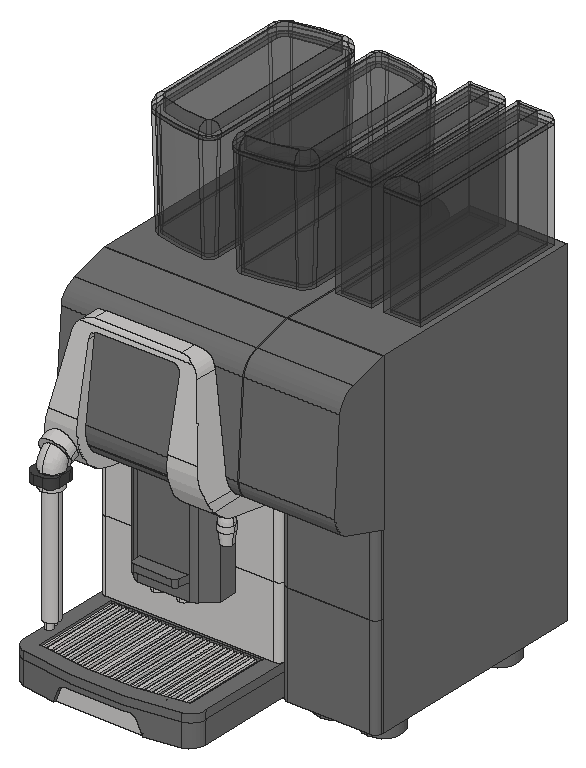
Revit family "QF_RANCILIO_EGRO ONE TOUCH PURE COFFEE WITH POWDER", category Specialty Equipment, Revit 2014
Parameters (values of type "ONE TOUCH PURE COFFEE WITH POWDER")
  Weight in Kilograms = 70
  Watts = 6000 W
  Volts = 400 V
  URL Cutsheet = ""
  Touch Top Milk  XP NMS = or(Model Visibility = 3, Model Visibility = 1)  # no
  Specification by User = ""
  Specification by Manufacturer = ""
  Show Steam Wand [instance] = yes
  Show Hot Water Outlet [instance] = yes
  Show Clearance [instance] = yes
  Serial Number = ""
  Seismic Rating = ""
  SMACNA No = ""
  Revision Code = ""
  Plumbing Remarks = ""
  Plumbing Connection Type = ""
  Phase = 2
  Touch Quick Milk NMS = or(Model Visibility = 2, Model Visibility = 5)  # no
  Number of Poles = 1
  NAFEM Spec ID Number = ""
  Model Visibility = 4
  Model = "ONE TOUCH PURE COFFEE WITH POWDER"
  Min Ckt Ampacity = 0 A
  Max Overcurrent Protection = 0 A
  Masterspec = ""
  Manufacturer = "RANCILIO"  # constant formula
  Length = 300.99 mm
  Top Milk XP NMS Powder = or(Model Visibility = 4, Model Visibility = 1, Model Visibility = 5)  # yes
  Item Number = ""
  Installed By = ""
  Indirect Waste Size = 2"
  Indirect Waste Flow = 0 GPM
  Indirect Waste Connection Type = ""
  Indirect Waste Connection Height = 0.00 mm
  Identify Quantity as Lot = yes
  Height = 787.40 mm
  HP = ""
  Furnished By = ""
  Foodservice Equipment Identifier = yes
  FL Amps = 16 A
  Electrical Remarks = ""
  Electric Connection Type = ""
  Elec Conn RI Height = 0.00 mm
  Elec Conn Connection Height = 0.00 mm
  Description = "ESPRESSO MACHINE"  # constant formula
  Depth = 584.20 mm
  Cycle = 50 Hz
  Conn Plug = "Typ 25 / CEE"
  Conn Conduit = yes
  Cold Water Temperature Recommended = -459.67 °F
  Cold Water Size = 3/8"
  Cold Water RI Height = 0.00 mm
  Cold Water Minimum Pressure = 0.00 psi
  Cold Water Maximum Pressure = 0.00 psi
  Cold Water Flow = 0 GPM
  Cold Water Consumption = ""
  Cold Water Connection Height = 0.00 mm
  CSI MasterFormat = ""
  Apparent Power = 0 VA
Reference planes
  plane 1 "BACK": y = 0
  plane 2: z = 0
  plane 3 "LEFT": x = 0
  plane 4 "RIGHT": x = 300.99
  plane 5 "FRONT": y = -584.2
  plane 6 "TOP": z = 787.4
  plane 7 "Center Y": x = 150.495
  plane 8 "Center X": y = -292.1
  plane 9: z = 26.88
  plane 10: z = 77.978
Forms (mm)
  Revolve 1, solid, material "QF_Rubber-Black-Smooth"
    sketch origin (50.495, 0, 0) x (0, 1, 0) y (0, 0, 1)
      loop
        line (-88.9, 0) -> (-58.322, 0) -> (-58.322, 26.88) -> (-88.9, 26.88) -> (-88.9, 0)
      axis (-88.9, 26.88) -> (-88.9, 0)
    angle from 0 to 360
  Revolve 2, solid, material "QF_Rubber-Black-Smooth"
    sketch origin (50.495, -239.776, 0) x (0, 1, 0) y (0, 0, 1)
      loop
        line (-88.9, 0) -> (-58.322, 0) -> (-58.322, 26.88) -> (-88.9, 26.88) -> (-88.9, 0)
      axis (-88.9, 26.88) -> (-88.9, 0)
    angle from 0 to 360
  Revolve 3, solid, material "QF_Rubber-Black-Smooth"
    sketch origin (250.495, 0, 0) x (0, 1, 0) y (0, 0, 1)
      loop
        line (-88.9, 0) -> (-58.322, 0) -> (-58.322, 26.88) -> (-88.9, 26.88) -> (-88.9, 0)
      axis (-88.9, 26.88) -> (-88.9, 0)
    angle from 0 to 360
  Revolve 4, solid, material "QF_Rubber-Black-Smooth"
    sketch origin (250.495, -239.776, 0) x (0, 1, 0) y (0, 0, 1)
      loop
        line (-88.9, 0) -> (-58.322, 0) -> (-58.322, 26.88) -> (-88.9, 26.88) -> (-88.9, 0)
      axis (-88.9, 26.88) -> (-88.9, 0)
    angle from 0 to 360
  Extrusion 5, solid, material "QF_Rubber-Black-Smooth"
    sketch origin (-308.61, 0, 0) x (1, 0, 0) y (0, 1, 0)
      loop
        line (308.61, -378.239) -> (308.61, -545.544)
        arc (308.61, -545.544) -> (314.252, -561.506) -> (328.671, -570.377) r 25.4
        arc (328.671, -570.377) -> (459.105, -584.24) -> (589.539, -570.377) r 620.525
        arc (589.539, -570.377) -> (603.958, -561.506) -> (609.6, -545.544) r 25.4
        line (609.6, -545.544) -> (609.6, -378.239) -> (308.61, -378.239)
    from 26.88 to 65.023
  Extrusion 6, solid, material "QF_Rubber-Black-Smooth"
    sketch origin (-308.61, 0, 65.023) x (1, 0, 0) y (0, 1, 0)
      loop
        arc (328.671, -570.377) -> (459.105, -584.24) -> (589.539, -570.377) r 620.525
        arc (589.539, -570.377) -> (603.958, -561.506) -> (609.6, -545.544) r 25.4
        line (609.6, -545.544) -> (609.6, -378.239) -> (308.61, -378.239) -> (308.61, -545.544)
        arc (308.61, -545.544) -> (314.252, -561.506) -> (328.671, -570.377) r 25.4
      loop
        line (584.2, -545.544) -> (584.2, -397.289) -> (334.01, -397.289) -> (334.01, -545.544)
        arc (334.01, -545.544) -> (459.105, -558.84) -> (584.2, -545.544) r 595.125
    from 0 to 12.955
  Extrusion 7, void
    sketch origin (-308.61, -584.2, 0) x (1, 0, 0) y (0, 0, 1)
      loop
        line (385.966, 26.88) -> (532.244, 26.88) -> (525.504, 45.4)
        arc (525.504, 45.4) -> (519.332, 53.443) -> (509.664, 56.491) r 16.857
        line (509.664, 56.491) -> (408.546, 56.491)
        arc (408.546, 56.491) -> (398.878, 53.443) -> (392.706, 45.4) r 16.857
        line (392.706, 45.4) -> (385.966, 26.88)
    from 5.717 to -139.232
  Extrusion 8, solid, material "QF_Metal-Stainless-Polished"
    sketch origin (300.99, 0, 0) x (0, -1, 0) y (0, 0, 1)
      loop
        arc (502.012, 551.039) -> (481.536, 564.569) -> (467.682, 544.31) r 17.494
        arc (467.682, 544.31) -> (477.557, 466.209) -> (479.282, 387.505) r 758.464
        arc (479.282, 387.505) -> (471.683, 365.793) -> (452.973, 352.412) r 38.1
        line (452.973, 352.412) -> (391.131, 332.319) -> (391.131, 312.441) -> (461.546, 323.594)
        arc (461.546, 323.594) -> (516.664, 358.371) -> (529.378, 422.291) r 82.55
        line (529.378, 422.291) -> (502.012, 551.039)
    from 0 to 300.99
  Extrusion 9, void
    sketch origin (-308.61, -584.2, 0) x (1, 0, 0) y (0, 0, 1)
      loop
        line (355.344, 533.2) -> (325.68, 364.97)
        arc (325.68, 364.97) -> (324.684, 357.402) -> (324.351, 349.777) r 87.491
        line (324.351, 349.777) -> (324.351, 296.38) -> (384.361, 296.38) -> (384.361, 531.847)
        arc (384.361, 531.847) -> (388.081, 540.827) -> (397.061, 544.547) r 12.7
        line (397.061, 544.547) -> (521.149, 544.547)
        arc (521.149, 544.547) -> (530.129, 540.827) -> (533.849, 531.847) r 12.7
        line (533.849, 531.847) -> (533.849, 296.38) -> (593.859, 296.38) -> (593.859, 349.787)
        arc (593.859, 349.787) -> (593.526, 357.403) -> (592.532, 364.96) r 87.376
        line (592.532, 364.96) -> (562.866, 533.2)
        arc (562.866, 533.2) -> (552.007, 552.009) -> (531.599, 559.437) r 31.75
        line (531.599, 559.437) -> (386.611, 559.437)
        arc (386.611, 559.437) -> (366.203, 552.009) -> (355.344, 533.2) r 31.75
      loop
        line (292.601, 275.08) -> (625.609, 275.08) -> (625.609, 598.93) -> (292.601, 598.93) -> (292.601, 275.08)
    from 0 to -205.961
  Extrusion 10, solid, material "QF_Metal-Stainless-Polished"
    sketch origin (-286.117, 2.381, 156.866) x (0, 1, 0) y (1, 0, 0)
      loop
        circle (-432.003, 415.108) r 9.216
      loop
        circle (-432.003, 458.116) r 9.216
    from 0 to 10.065
  Sweep 11, solid, material "QF_Metal-Stainless-Polished", visible <- "Show Steam Wand"
    path origin (45.402, 0, 0) x (0, -1, 0) y (0, 0, 1)
      loop
        line (545.855, 320.677) -> (545.855, 347.466)
        arc (545.855, 347.466) -> (541.877, 361.114) -> (531.189, 370.486) r 25.4
        line (531.189, 370.486) -> (514.283, 378.37)
    profile origin (45.402, -545.855, 334.072) x (0, 1, 0) y (-1, 0, 0)
      loop
        circle (0.311, 0) r 19.05
  Extrusion 12, solid, material "QF_Metal-Stainless-Polished", visible <- "Show Steam Wand"
    sketch origin (45.402, -545.855, 124.495) x (0, -1, 0) y (-1, 0, 0)
      loop
        circle (4.276, 0) r 6.35
      loop
        circle (-7.986, 0) r 2.54
    from 0 to 11.258
  Extrusion 13, solid, material "QF_Metal-Stainless-Polished", visible <- "Show Steam Wand"
    sketch origin (45.402, -514.283, 378.37) x (-1, 0, 0) y (0, -0.422618, 0.906308)
      loop
        circle (0, -0.311) r 25.4
    from 0 to -26.164
  Extrusion 14, solid, material "QF_Metal-Stainless-Polished"
    sketch origin (-308.61, 0, 77.978) x (1, 0, 0) y (0, 1, 0)
      loop
        line (310.198, -378.239) -> (310.198, -380.664)
        arc (310.198, -380.664) -> (313.263, -388.066) -> (320.665, -391.131) r 10.467
        line (320.665, -391.131) -> (597.545, -391.131)
        arc (597.545, -391.131) -> (604.947, -388.066) -> (608.012, -380.664) r 10.467
        line (608.012, -380.664) -> (608.012, -378.239) -> (310.198, -378.239)
    from 0 to 118.421
  Sweep 15, solid, material "QF_Plastic-Black-Transparent"
    path origin (0, -48.039, 765.051) x (0, -1, 0) y (1, 0, 0)
      loop
        arc (12.154, 270.516) -> (4.532, 267.975) -> (-0.04, 261.368) r 12.7
        arc (-0.04, 261.368) -> (-8.605, 222.842) -> (-12.129, 183.533) r 305.298
        arc (-12.129, 183.533) -> (-10.662, 179.799) -> (-6.965, 178.24) r 5.165
        line (-6.965, 178.24) -> (261.921, 178.24)
        arc (261.921, 178.24) -> (265.619, 179.799) -> (267.085, 183.533) r 5.165
        arc (267.085, 183.533) -> (263.561, 222.842) -> (254.996, 261.368) r 305.298
        arc (254.996, 261.368) -> (250.425, 267.975) -> (242.803, 270.516) r 12.7
        line (242.803, 270.516) -> (12.154, 270.516)
    profile origin (270.516, -175.517, 765.051) x (1, 0, 0) y (0, 0, 1)
      loop
        line (15.494, 0.03) -> (15.494, 6.855)
        arc (15.494, 6.855) -> (10.956, 17.811) -> (0, 22.349) r 15.494
        line (0, 22.349) -> (0, 0.03) -> (15.494, 0.03)
  Extrusion 16, solid, material "QF_Plastic-Black-Transparent"
    sketch origin (0, -48.039, 765.051) x (0, -1, 0) y (1, 0, 0)
      loop
        line (-6.965, 178.24) -> (261.921, 178.24)
        arc (261.921, 178.24) -> (265.619, 179.799) -> (267.085, 183.533) r 5.165
        arc (267.085, 183.533) -> (263.561, 222.842) -> (254.996, 261.368) r 305.298
        arc (254.996, 261.368) -> (250.425, 267.975) -> (242.803, 270.516) r 12.7
        line (242.803, 270.516) -> (12.154, 270.516)
        arc (12.154, 270.516) -> (4.532, 267.975) -> (-0.04, 261.368) r 12.7
        arc (-0.04, 261.368) -> (-8.605, 222.842) -> (-12.129, 183.533) r 305.298
        arc (-12.129, 183.533) -> (-10.662, 179.799) -> (-6.965, 178.24) r 5.165
    from 0 to 22.349
  Sweep 17, solid, material "QF_Plastic-Black-Transparent"
    path origin (178.24, -298.45, 765.25) x (1, 0, 0) y (0, 1, 0)
      loop
        arc (107.769, 238.258) -> (102.128, 255.178) -> (87.461, 265.326) r 28.194
        arc (87.461, 265.326) -> (46.98, 274.326) -> (5.676, 278.029) r 320.791
        arc (5.676, 278.029) -> (-9.261, 272.164) -> (-15.494, 257.376) r 20.659
        line (-15.494, 257.376) -> (-15.494, -11.51)
        arc (-15.494, -11.51) -> (-9.261, -26.298) -> (5.676, -32.163) r 20.659
        arc (5.676, -32.163) -> (46.98, -28.46) -> (87.461, -19.46) r 320.791
        arc (87.461, -19.46) -> (102.128, -9.312) -> (107.769, 7.608) r 28.194
        line (107.769, 7.608) -> (107.769, 238.258)
    profile origin (286.009, -175.517, 765.25) x (1, 0, 0) y (0, 0, 1)
      loop
        line (-0.789, -0.169) -> (-7.142, -0.169)
        arc (-7.142, -0.169) -> (-7.143, -89.932) -> (-11.916, -179.569) r 1688.357
        line (-11.916, -179.569) -> (-5.545, -179.569)
        arc (-5.545, -179.569) -> (-0.791, -89.932) -> (-0.789, -0.169) r 1694.707
  Extrusion 18, solid, material "QF_Plastic-Black-Transparent"
    sketch origin (300.99, -48.039, 585.68) x (0, -1, 0) y (1, 0, 0)
      loop
        line (242.803, -26.896) -> (12.154, -26.896)
        arc (12.154, -26.896) -> (2.385, -30.153) -> (-3.475, -38.622) r 16.278
        arc (-3.475, -38.622) -> (-12.14, -77.599) -> (-15.705, -117.368) r 308.875
        arc (-15.705, -117.368) -> (-13.223, -123.69) -> (-6.965, -126.328) r 8.743
        line (-6.965, -126.328) -> (261.921, -126.328)
        arc (261.921, -126.328) -> (268.18, -123.69) -> (270.662, -117.368) r 8.743
        arc (270.662, -117.368) -> (267.097, -77.599) -> (258.431, -38.622) r 308.875
        arc (258.431, -38.622) -> (252.572, -30.153) -> (242.803, -26.896) r 16.278
    from 0 to 5.08
  Extrusion 19, solid, material "QF_Plastic-Black-Smooth", visible <- "Show Steam Wand"
    sketch origin (-285.537, -4572, 26.88) x (-1, 0, 0) y (0, -1, 0)
      loop
        arc (-317.118, -4045.374) -> (-310.652, -4042.696) -> (-307.974, -4036.23) r 9.144
        line (-307.974, -4036.23) -> (-307.974, -4014.648)
        arc (-307.974, -4014.648) -> (-312.512, -4003.692) -> (-323.468, -3999.154) r 15.494
        line (-323.468, -3999.154) -> (-338.277, -3999.154)
        arc (-338.277, -3999.154) -> (-349.279, -4003.711) -> (-353.836, -4014.713) r 15.559
        line (-353.836, -4014.713) -> (-353.836, -4036.335)
        arc (-353.836, -4036.335) -> (-351.188, -4042.726) -> (-344.796, -4045.374) r 9.04
        line (-344.796, -4045.374) -> (-317.118, -4045.374)
    from 320.021 to 304.8
  Extrusion 20, solid, material "QF_Metal-Stainless-Polished"
    sketch origin (300.99, -390.939, 59.231) x (-1, 0, 0) y (0, 0, -1)
      loop
        line (275.59, -16.51) -> (275.59, -12.702) -> (270.827, -12.702) -> (270.827, -16.51) -> (275.59, -16.51)
      loop
        line (264.479, -16.51) -> (264.479, -12.702) -> (259.716, -12.702) -> (259.716, -16.51) -> (264.479, -16.51)
      loop
        line (253.368, -16.51) -> (253.368, -12.702) -> (248.605, -12.702) -> (248.605, -16.51) -> (253.368, -16.51)
      loop
        line (242.256, -16.51) -> (242.256, -12.702) -> (237.494, -12.702) -> (237.494, -16.51) -> (242.256, -16.51)
      loop
        line (231.145, -16.51) -> (231.145, -12.702) -> (226.383, -12.702) -> (226.383, -16.51) -> (231.145, -16.51)
      loop
        line (220.034, -16.51) -> (220.034, -12.702) -> (215.272, -12.702) -> (215.272, -16.51) -> (220.034, -16.51)
      loop
        line (208.923, -16.51) -> (208.923, -12.702) -> (204.16, -12.702) -> (204.16, -16.51) -> (208.923, -16.51)
      loop
        line (197.812, -16.51) -> (197.812, -12.702) -> (193.049, -12.702) -> (193.049, -16.51) -> (197.812, -16.51)
      loop
        line (186.701, -16.51) -> (186.701, -12.702) -> (181.938, -12.702) -> (181.938, -16.51) -> (186.701, -16.51)
      loop
        line (175.589, -16.51) -> (175.589, -12.702) -> (170.827, -12.702) -> (170.827, -16.51) -> (175.589, -16.51)
      loop
        line (164.478, -16.51) -> (164.478, -12.702) -> (159.716, -12.702) -> (159.716, -16.51) -> (164.478, -16.51)
      loop
        line (153.367, -16.51) -> (153.367, -12.702) -> (148.605, -12.702) -> (148.605, -16.51) -> (153.367, -16.51)
      loop
        line (142.256, -16.51) -> (142.256, -12.702) -> (137.493, -12.702) -> (137.493, -16.51) -> (142.256, -16.51)
      loop
        line (131.145, -16.51) -> (131.145, -12.702) -> (126.382, -12.702) -> (126.382, -16.51) -> (131.145, -16.51)
      loop
        line (119.24, -16.51) -> (119.24, -12.702) -> (114.477, -12.702) -> (114.477, -16.51) -> (119.24, -16.51)
      loop
        line (108.129, -16.51) -> (108.129, -12.702) -> (103.366, -12.702) -> (103.366, -16.51) -> (108.129, -16.51)
      loop
        line (97.017, -16.51) -> (97.017, -12.702) -> (92.255, -12.702) -> (92.255, -16.51) -> (97.017, -16.51)
      loop
        line (85.906, -16.51) -> (85.906, -12.702) -> (81.144, -12.702) -> (81.144, -16.51) -> (85.906, -16.51)
      loop
        line (74.001, -16.51) -> (74.001, -12.702) -> (69.239, -12.702) -> (69.239, -16.51) -> (74.001, -16.51)
      loop
        line (62.89, -16.51) -> (62.89, -12.702) -> (58.128, -12.702) -> (58.128, -16.51) -> (62.89, -16.51)
      loop
        line (51.779, -16.51) -> (51.779, -12.702) -> (47.017, -12.702) -> (47.017, -16.51) -> (51.779, -16.51)
      loop
        line (40.668, -16.51) -> (40.668, -12.702) -> (35.905, -12.702) -> (35.905, -16.51) -> (40.668, -16.51)
      loop
        line (30.162, -16.51) -> (30.162, -12.702) -> (25.4, -12.702) -> (25.4, -16.51) -> (30.162, -16.51)
    from 6.35 to 168.5
  Extrusion 21, solid, material "QF_Metal-Stainless-Polished", visible <- "Show Steam Wand"
    sketch origin (45.402, -545.855, 320.677) x (-1, 0, 0) y (0, 1, 0)
      loop
        circle (0, 0.311) r 12.7
    from 0 to 196.182
  Extrusion 22, solid, material "QF_Rubber-Black-Smooth"
    sketch origin (300.99, 0, 0) x (0, -1, 0) y (0, 0, 1)
      loop
        line (494.971, 544.803) -> (391.131, 544.803) -> (391.131, 323.206) -> (477.002, 349.46)
        arc (477.002, 349.46) -> (495.375, 359.345) -> (508.548, 375.523) r 53.322
        line (508.548, 375.523) -> (506.56, 376.156) -> (507.194, 378.588) -> (509.742, 377.924)
        arc (509.742, 377.924) -> (514.149, 392.574) -> (514.215, 407.873) r 53.322
        line (514.215, 407.873) -> (494.971, 544.803)
    from 75.751 to 225.239
  Extrusion 23, solid, material "QF_Metal-Stainless-Polished"
    sketch origin (-308.61, 0, 77.978) x (1, 0, 0) y (0, 1, 0)
      loop
        line (310.198, -378.239) -> (310.198, -380.664)
        arc (310.198, -380.664) -> (313.263, -388.066) -> (320.665, -391.131) r 10.467
        line (320.665, -391.131) -> (597.545, -391.131)
        arc (597.545, -391.131) -> (604.947, -388.066) -> (608.012, -380.664) r 10.467
        line (608.012, -380.664) -> (608.012, -378.239) -> (310.198, -378.239)
    from 118.421 to 263.394
  Extrusion 24, solid, material "QF_Metal-Stainless-Polished"
    sketch origin (300.99, 0, 0) x (0, -1, 0) y (0, 0, 1)
      loop
        line (378.239, 585.68) -> (378.239, 328.13) -> (452.973, 352.412)
        arc (452.973, 352.412) -> (471.683, 365.793) -> (479.282, 387.505) r 38.1
        arc (479.282, 387.505) -> (477.768, 463.267) -> (468.702, 538.501) r 758.464
        arc (468.702, 538.501) -> (459.301, 557.733) -> (441.012, 568.86) r 38.1
        line (441.012, 568.86) -> (378.239, 585.68)
    from 0 to 300.99
  Extrusion 25, solid, material "QF_Rubber-Black-Smooth"
    sketch origin (-307.808, 0, 0) x (1, 0, 0) y (0, 1, 0)
      loop
        line (384.361, -391.131) -> (384.361, -419.568) -> (404.219, -439.426)
        arc (404.219, -439.426) -> (409.663, -443.073) -> (415.936, -444.968) r 22.167
        line (415.936, -444.968) -> (500.669, -444.968)
        arc (500.669, -444.968) -> (506.942, -443.073) -> (512.387, -439.426) r 22.167
        line (512.387, -439.426) -> (532.244, -419.568) -> (532.244, -391.131) -> (384.361, -391.131)
    from 156.866 to 355.25
  Extrusion 26, solid, material "QF_Rubber-Black-Smooth"
    sketch origin (-308.61, 0, 156.866) x (0, 1, 0) y (1, 0, 0)
      loop
        line (-444.968, 418.865) -> (-444.968, 500.138) -> (-462.804, 497.679)
        arc (-462.804, 497.679) -> (-466.724, 495.561) -> (-468.287, 491.389) r 6.35
        line (-468.287, 491.389) -> (-468.287, 427.615)
        arc (-468.287, 427.615) -> (-466.724, 423.443) -> (-462.804, 421.324) r 6.35
        line (-462.804, 421.324) -> (-444.968, 418.865)
    from -27.896 to -39.533
  Revolve 27, solid, material "QF_Metal-Stainless-Polished", visible <- "Show Hot Water Outlet"
    sketch origin (-308.61, -431.8, 0) x (1, 0, 0) y (0, 0, 1)
      loop
        line (553.044, 256.761) -> (553.044, 326.089) -> (548.082, 326.089) -> (548.082, 307.039)
        arc (548.082, 307.039) -> (542.901, 296.993) -> (541.188, 285.82) r 35.029
        line (541.188, 285.82) -> (539.958, 285.82) -> (539.958, 277.312) -> (541.783, 277.312) -> (543.22, 256.761) -> (553.044, 256.761)
      axis (553.044, 326.089) -> (553.044, 256.761)
    angle from 0 to 360
  Extrusion 28, solid, material "QF_Metal-Stainless-Polished"
    sketch origin (-308.61, -584.2, 0) x (1, 0, 0) y (0, 0, 1)
      loop
        line (385.966, 26.88) -> (532.244, 26.88) -> (525.504, 45.4)
        arc (525.504, 45.4) -> (519.332, 53.443) -> (509.664, 56.491) r 16.857
        line (509.664, 56.491) -> (408.546, 56.491)
        arc (408.546, 56.491) -> (398.878, 53.443) -> (392.706, 45.4) r 16.857
        line (392.706, 45.4) -> (385.966, 26.88)
    from -6.526 to -139.232
  Extrusion 29, solid, material "QF_Rubber-Black-Smooth"
    sketch origin (23.073, -4572, 26.88) x (-1, 0, 0) y (0, -1, 0)
      loop
        line (23.202, -4193.761) -> (-277.917, -4193.761) -> (-277.917, -4529.129)
        arc (-277.917, -4529.129) -> (-248.937, -4555.028) -> (-211.551, -4565.65) r 86.631
        line (-211.551, -4565.65) -> (-43.294, -4565.65)
        arc (-43.294, -4565.65) -> (-5.809, -4554.974) -> (23.202, -4528.946) r 86.631
        line (23.202, -4528.946) -> (23.202, -4193.761)
    from 0 to 558.8
  Extrusion 30, solid, material "QF_Rubber-Black-Smooth"
    sketch origin (46.815, -6.35, 26.88) x (1, 0, 0) y (0, 0, -1)
      loop
        line (21.076, -558.8) -> (186.163, -558.8)
        arc (186.163, -558.8) -> (191.817, -556.458) -> (194.159, -550.804) r 7.996
        line (194.159, -550.804) -> (194.159, -287.274)
        arc (194.159, -287.274) -> (191.853, -281.706) -> (186.285, -279.4) r 7.874
        line (186.285, -279.4) -> (21.076, -279.4)
        arc (21.076, -279.4) -> (15.508, -281.706) -> (13.202, -287.274) r 7.874
        line (13.202, -287.274) -> (13.202, -550.926)
        arc (13.202, -550.926) -> (15.508, -556.494) -> (21.076, -558.8) r 7.874
    from 0 to 6.35
  Sweep 31, solid, material "QF_Plastic-Black-Transparent"
    path origin (300.99, -48.039, 765.051) x (0, -1, 0) y (1, 0, 0)
      loop
        line (12.154, -270.516) -> (242.803, -270.516)
        arc (242.803, -270.516) -> (250.425, -267.975) -> (254.996, -261.368) r 12.7
        arc (254.996, -261.368) -> (263.561, -222.842) -> (267.085, -183.533) r 305.298
        arc (267.085, -183.533) -> (265.619, -179.799) -> (261.921, -178.24) r 5.165
        line (261.921, -178.24) -> (-6.965, -178.24)
        arc (-6.965, -178.24) -> (-10.662, -179.799) -> (-12.129, -183.533) r 5.165
        arc (-12.129, -183.533) -> (-8.605, -222.842) -> (-0.04, -261.368) r 305.298
        arc (-0.04, -261.368) -> (4.532, -267.975) -> (12.154, -270.516) r 12.7
    profile origin (30.474, -175.517, 765.051) x (1, 0, 0) y (0, 0, 1)
      loop
        line (-15.494, 0.03) -> (0, 0.03) -> (0, 22.349)
        arc (0, 22.349) -> (-10.956, 17.811) -> (-15.494, 6.855) r 15.494
        line (-15.494, 6.855) -> (-15.494, 0.03)
  Extrusion 32, solid, material "QF_Plastic-Black-Transparent"
    sketch origin (300.99, -48.039, 765.051) x (0, -1, 0) y (1, 0, 0)
      loop
        arc (-6.965, -178.24) -> (-10.662, -179.799) -> (-12.129, -183.533) r 5.165
        arc (-12.129, -183.533) -> (-8.605, -222.842) -> (-0.04, -261.368) r 305.298
        arc (-0.04, -261.368) -> (4.532, -267.975) -> (12.154, -270.516) r 12.7
        line (12.154, -270.516) -> (242.803, -270.516)
        arc (242.803, -270.516) -> (250.425, -267.975) -> (254.996, -261.368) r 12.7
        arc (254.996, -261.368) -> (263.561, -222.842) -> (267.085, -183.533) r 305.298
        arc (267.085, -183.533) -> (265.619, -179.799) -> (261.921, -178.24) r 5.165
        line (261.921, -178.24) -> (-6.965, -178.24)
    from 0 to 22.349
  Sweep 33, solid, material "QF_Plastic-Black-Transparent"
    path origin (122.75, -298.45, 765.25) x (1, 0, 0) y (0, 1, 0)
      loop
        line (-107.769, 238.258) -> (-107.769, 7.608)
        arc (-107.769, 7.608) -> (-102.128, -9.312) -> (-87.461, -19.46) r 28.194
        arc (-87.461, -19.46) -> (-46.98, -28.46) -> (-5.676, -32.163) r 320.791
        arc (-5.676, -32.163) -> (9.261, -26.298) -> (15.494, -11.51) r 20.659
        line (15.494, -11.51) -> (15.494, 257.376)
        arc (15.494, 257.376) -> (9.261, 272.164) -> (-5.676, 278.029) r 20.659
        arc (-5.676, 278.029) -> (-46.98, 274.326) -> (-87.461, 265.326) r 320.791
        arc (-87.461, 265.326) -> (-102.128, 255.178) -> (-107.769, 238.258) r 28.194
    profile origin (14.981, -175.517, 765.25) x (1, 0, 0) y (0, 0, 1)
      loop
        arc (0.789, -0.169) -> (0.791, -89.932) -> (5.545, -179.569) r 1694.707
        line (5.545, -179.569) -> (11.916, -179.569)
        arc (11.916, -179.569) -> (7.143, -89.932) -> (7.142, -0.169) r 1688.357
        line (7.142, -0.169) -> (0.789, -0.169)
  Extrusion 34, solid, material "QF_Plastic-Black-Transparent"
    sketch origin (0, -48.039, 585.68) x (0, -1, 0) y (1, 0, 0)
      loop
        arc (242.803, 26.896) -> (252.572, 30.153) -> (258.431, 38.622) r 16.278
        arc (258.431, 38.622) -> (267.097, 77.599) -> (270.662, 117.368) r 308.875
        arc (270.662, 117.368) -> (268.18, 123.69) -> (261.921, 126.328) r 8.743
        line (261.921, 126.328) -> (-6.965, 126.328)
        arc (-6.965, 126.328) -> (-13.223, 123.69) -> (-15.705, 117.368) r 8.743
        arc (-15.705, 117.368) -> (-12.14, 77.599) -> (-3.475, 38.622) r 308.875
        arc (-3.475, 38.622) -> (2.385, 30.153) -> (12.154, 26.896) r 16.278
        line (12.154, 26.896) -> (242.803, 26.896)
    from 0 to 5.08
  Extrusion 35, solid, material "QF_Metal-Stainless-Polished"
    sketch origin (23.073, -4572, 26.88) x (0, -1, 0) y (-1, 0, 0)
      loop
        circle (-4271.324, -158.422) r 6.35
    from 0 to 3.302
  Extrusion 36, solid, material "QF_Metal-Stainless-Polished"
    sketch origin (-308.61, 0, 26.88) x (0, 1, 0) y (1, 0, 0)
      loop
        circle (-406.814, 459.04) r 25.4
    from 0 to 3.302
Cuts and joins
  Extrusion 7 cuts Extrusion 5
  Extrusion 9 cuts Extrusion 8
  joined: Extrusion 22, Extrusion 25
Lines and regions (mm)
  Split face 1
    outline origin (75.751, -514.215, 407.873) x (1, 0, 0) y (0, 0.139173, 0.990268)
      loop
        line (30.909, 3.759) -> (119.809, 3.759) -> (119.809, 114.994) -> (30.909, 114.994) -> (30.909, 3.759)
  symbolic lines
    curve 1: line (240.974, 0, 26.88) -> (60.016, 0, 26.88)
    curve 2: line (300.99, -545.544, 26.88) -> (300.99, -42.871, 26.88)
    curve 3: line (0, -378.239, 26.88) -> (300.99, -378.239, 26.88)
    curve 4: line (0, -42.871, 26.88) -> (0, -545.544, 26.88)
    curve 5: line (0, -479.282, 26.88) -> (33.649, -479.282, 26.88)
    curve 6: line (33.649, -479.282, 26.88) -> (52.994, -467.194, 26.88)
    curve 7: line (52.994, -467.194, 26.88) -> (247.996, -467.194, 26.88)
    curve 8: line (300.99, -479.282, 26.88) -> (267.341, -479.282, 26.88)
    curve 9: line (267.341, -479.282, 26.88) -> (247.996, -467.194, 26.88)
    curve 10: arc (0, -545.544, 26.88) -> (5.642, -561.506, 26.88) -> (20.061, -570.377, 26.88) r 25.4
    curve 11: arc (20.061, -570.377, 26.88) -> (150.495, -584.24, 26.88) -> (280.929, -570.377, 26.88) r 620.525
    curve 12: arc (280.929, -570.377, 26.88) -> (295.348, -561.506, 26.88) -> (300.99, -545.544, 26.88) r 25.4
    curve 13: line (15.741, -479.282, 26.88) -> (15.741, -509.876, 26.88)
    curve 14: spline (17.078, -520.781, 26.88) -> (16.856, -520.013, 26.88) -> (16.654, -519.218, 26.88) -> (16.472, -518.396, 26.88) -> (16.31, -517.549, 26.88) -> (16.168, -516.675, 26.88) -> (16.046, -515.776, 26.88) -> (15.945, -514.852, 26.88) -> (15.863, -513.904, 26.88) -> (15.802, -512.931, 26.88) -> (15.762, -511.936, 26.88) -> (15.741, -510.917, 26.88) -> (15.741, -509.876, 26.88)
    curve 15: spline (27.177, -529.378, 26.88) -> (26.322, -530.259, 26.88) -> (25.46, -530.85, 26.88) -> (24.593, -531.147, 26.88) -> (23.724, -531.149, 26.88) -> (22.857, -530.857, 26.88) -> (21.994, -530.272, 26.88) -> (21.139, -529.395, 26.88) -> (20.294, -528.23, 26.88) -> (19.463, -526.78, 26.88) -> (18.648, -525.051, 26.88) -> (17.852, -523.049, 26.88) -> (17.078, -520.781, 26.88)
    curve 16: line (46.734, -505.804, 26.88) -> (27.177, -529.378, 26.88)
    curve 17: spline (56.519, -502.006, 26.88) -> (55.274, -502.264, 26.88) -> (54.098, -502.535, 26.88) -> (52.993, -502.819, 26.88) -> (51.963, -503.115, 26.88) -> (51.011, -503.422, 26.88) -> (50.14, -503.739, 26.88) -> (49.353, -504.066, 26.88) -> (48.65, -504.401, 26.88) -> (48.036, -504.743, 26.88) -> (47.511, -505.092, 26.88) -> (47.077, -505.446, 26.88) -> (46.735, -505.804, 26.88)
    curve 18: line (78.001, -497.597, 26.88) -> (56.519, -502.006, 26.88)
    curve 19: line (222.989, -497.597, 26.88) -> (78.001, -497.597, 26.88)
    curve 20: line (244.471, -502.006, 26.88) -> (222.989, -497.597, 26.88)
    curve 21: spline (253.973, -505.502, 26.88) -> (253.586, -505.172, 26.88) -> (253.12, -504.846, 26.88) -> (252.576, -504.526, 26.88) -> (251.956, -504.212, 26.88) -> (251.261, -503.904, 26.88) -> (250.493, -503.605, 26.88) -> (249.654, -503.313, 26.88) -> (248.746, -503.031, 26.88) -> (247.771, -502.758, 26.88) -> (246.732, -502.496, 26.88) -> (245.631, -502.245, 26.88) -> (244.471, -502.006, 26.88)
    curve 22: line (273.813, -529.378, 26.88) -> (254.256, -505.804, 26.88)
    curve 23: spline (283.915, -520.772, 26.88) -> (283.141, -523.042, 26.88) -> (282.345, -525.045, 26.88) -> (281.529, -526.776, 26.88) -> (280.698, -528.226, 26.88) -> (279.853, -529.393, 26.88) -> (278.997, -530.27, 26.88) -> (278.134, -530.856, 26.88) -> (277.267, -531.149, 26.88) -> (276.398, -531.147, 26.88) -> (275.531, -530.85, 26.88) -> (274.668, -530.26, 26.88) -> (273.813, -529.378, 26.88)
    curve 24: spline (285.249, -509.885, 26.88) -> (285.248, -510.925, 26.88) -> (285.226, -511.942, 26.88) -> (285.184, -512.937, 26.88) -> (285.123, -513.908, 26.88) -> (285.041, -514.854, 26.88) -> (284.94, -515.777, 26.88) -> (284.818, -516.674, 26.88) -> (284.677, -517.546, 26.88) -> (284.516, -518.393, 26.88) -> (284.335, -519.213, 26.88) -> (284.135, -520.006, 26.88) -> (283.915, -520.772, 26.88)
    curve 25: line (285.249, -479.282, 26.88) -> (285.249, -509.885, 26.88)
    curve 26: line (75.751, -531.182, 26.88) -> (24.26, -531.182, 26.88)
    curve 27: line (75.751, -531.182, 26.88) -> (75.751, -506.56, 26.88)
    curve 28: spline (75.766, -506.091, 26.88) -> (75.851, -505.751, 26.88) -> (76.144, -505.416, 26.88) -> (76.639, -505.091, 26.88) -> (77.33, -504.782, 26.88) -> (78.205, -504.493, 26.88) -> (79.248, -504.231, 26.88) -> (80.445, -503.998, 26.88) -> (81.774, -503.798, 26.88) -> (83.215, -503.636, 26.88) -> (84.743, -503.513, 26.88) -> (86.335, -503.431, 26.88) -> (87.963, -503.392, 26.88)
    curve 29: line (87.963, -503.392, 26.88) -> (213.027, -503.392, 26.88)
    curve 30: spline (213.027, -503.392, 26.88) -> (214.642, -503.43, 26.88) -> (216.222, -503.511, 26.88) -> (217.74, -503.632, 26.88) -> (219.172, -503.793, 26.88) -> (220.495, -503.989, 26.88) -> (221.688, -504.219, 26.88) -> (222.732, -504.478, 26.88) -> (223.61, -504.763, 26.88) -> (224.308, -505.068, 26.88) -> (224.814, -505.39, 26.88) -> (225.122, -505.722, 26.88) -> (225.225, -506.059, 26.88)
    curve 31: line (225.239, -531.182, 26.88) -> (225.239, -506.059, 26.88)
    curve 32: line (225.239, -531.182, 26.88) -> (275.59, -531.182, 26.88)
    curve 33: line (225.239, -514.811, 26.88) -> (75.751, -514.811, 26.88)
    curve 34: line (106.66, -512.41, 26.88) -> (106.66, -503.392, 26.88)
    curve 35: line (106.66, -512.41, 26.88) -> (195.56, -512.41, 26.88)
    curve 36: line (195.56, -512.41, 26.88) -> (195.56, -503.392, 26.88)
    curve 37: spline (70.802, -537.864, 26.88) -> (69.937, -540.642, 26.88) -> (67.4, -543.231, 26.88) -> (63.363, -545.455, 26.88) -> (58.102, -547.161, 26.88) -> (51.977, -548.233, 26.88) -> (45.402, -548.599, 26.88) -> (38.828, -548.233, 26.88) -> (32.702, -547.161, 26.88) -> (27.442, -545.455, 26.88) -> (23.405, -543.231, 26.88) -> (20.868, -540.642, 26.88) -> (20.002, -537.864, 26.88)
    curve 38: arc (22.437, -557.352, 26.88) -> (26.975, -568.308, 26.88) -> (37.931, -572.846, 26.88) r 15.494
    curve 39: line (37.931, -572.846, 26.88) -> (52.74, -572.846, 26.88)
    curve 40: arc (52.74, -572.846, 26.88) -> (63.742, -568.289, 26.88) -> (68.299, -557.287, 26.88) r 15.559
    curve 41: line (68.299, -557.287, 26.88) -> (68.299, -542.511, 26.88)
    curve 42: line (22.437, -542.45, 26.88) -> (22.437, -557.352, 26.88)
    curve 43: line (20.002, -537.864, 26.88) -> (20.002, -527.756, 26.88)
    curve 44: line (70.802, -537.864, 26.88) -> (70.802, -531.182, 26.88)
    curve 45: arc (275.59, -545.544, 26.88) -> (172.278, -558.441, 26.88) -> (68.299, -553.136, 26.88) r 595.125
    curve 46: line (275.59, -531.182, 26.88) -> (275.59, -545.544, 26.88)
    curve 47: line (69.845, -540.784, 26.88) -> (69.845, -553.35, 26.88)
    curve 48: line (74.607, -553.982, 26.88) -> (74.607, -531.182, 26.88)
    curve 49: line (80.956, -514.811, 26.88) -> (80.956, -554.763, 26.88)
    curve 50: line (85.718, -555.304, 26.88) -> (85.718, -514.811, 26.88)
    curve 51: line (92.067, -514.811, 26.88) -> (92.067, -555.965, 26.88)
    curve 52: line (96.83, -556.415, 26.88) -> (96.83, -514.811, 26.88)
    curve 53: line (103.178, -514.811, 26.88) -> (103.178, -556.956, 26.88)
    curve 54: line (107.941, -557.317, 26.88) -> (107.941, -514.811, 26.88)
    curve 55: line (114.109, -557.727, 26.88) -> (114.109, -514.811, 26.88)
    curve 56: line (119.052, -558.009, 26.88) -> (119.052, -514.811, 26.88)
    curve 57: line (125.22, -557.727, 26.88) -> (125.22, -514.811, 26.88)
    curve 58: line (130.163, -558.009, 26.88) -> (130.163, -514.811, 26.88)
    curve 59: line (136.332, -558.672, 26.88) -> (136.332, -514.811, 26.88)
    curve 60: line (141.274, -558.769, 26.88) -> (141.274, -514.811, 26.88)
    curve 61: line (147.443, -558.832, 26.88) -> (147.443, -514.811, 26.88)
    curve 62: line (220.034, -514.811, 26.88) -> (220.034, -554.763, 26.88)
    curve 63: line (215.272, -555.304, 26.88) -> (215.272, -514.811, 26.88)
    curve 64: line (208.923, -514.811, 26.88) -> (208.923, -555.965, 26.88)
    curve 65: line (204.16, -556.415, 26.88) -> (204.16, -514.811, 26.88)
    curve 66: line (197.812, -514.811, 26.88) -> (197.812, -556.956, 26.88)
    curve 67: line (193.049, -557.317, 26.88) -> (193.049, -514.811, 26.88)
    curve 68: line (186.881, -557.727, 26.88) -> (186.881, -514.811, 26.88)
    curve 69: line (181.938, -558.009, 26.88) -> (181.938, -514.811, 26.88)
    curve 70: line (175.77, -557.727, 26.88) -> (175.77, -514.811, 26.88)
    curve 71: line (170.827, -558.009, 26.88) -> (170.827, -514.811, 26.88)
    curve 72: line (164.658, -558.672, 26.88) -> (164.658, -514.811, 26.88)
    curve 73: line (159.716, -558.769, 26.88) -> (159.716, -514.811, 26.88)
    curve 74: line (153.547, -558.832, 26.88) -> (153.547, -514.811, 26.88)
    curve 75: line (227.031, -553.898, 26.88) -> (227.031, -531.182, 26.88)
    curve 76: line (231.751, -553.267, 26.88) -> (231.751, -531.182, 26.88)
    curve 77: line (242.862, -551.628, 26.88) -> (242.862, -531.182, 26.88)
    curve 78: line (238.1, -531.182, 26.88) -> (238.1, -552.357, 26.88)
    curve 79: line (249.211, -531.182, 26.88) -> (249.211, -550.596, 26.88)
    curve 80: line (253.973, -549.775, 26.88) -> (253.973, -531.182, 26.88)
    curve 81: line (260.322, -531.182, 26.88) -> (260.322, -548.618, 26.88)
    curve 82: line (265.085, -547.704, 26.88) -> (265.085, -531.182, 26.88)
    curve 83: line (270.827, -531.182, 26.88) -> (270.827, -546.548, 26.88)
    curve 84: line (286.009, -290.842, 26.88) -> (286.009, -60.192, 26.88)
    curve 85: arc (183.916, -20.421, 26.88) -> (225.22, -24.124, 26.88) -> (265.701, -33.124, 26.88) r 320.791
    curve 86: arc (162.747, -41.074, 26.88) -> (168.979, -26.286, 26.88) -> (183.916, -20.421, 26.88) r 20.659
    curve 87: line (162.747, -41.074, 26.88) -> (162.747, -309.96, 26.88)
    curve 88: arc (265.701, -33.124, 26.88) -> (280.368, -43.272, 26.88) -> (286.009, -60.192, 26.88) r 28.194
    curve 89: arc (286.009, -290.842, 26.88) -> (280.368, -307.762, 26.88) -> (265.701, -317.91, 26.88) r 28.194
    curve 90: arc (183.916, -330.613, 26.88) -> (168.979, -324.748, 26.88) -> (162.747, -309.96, 26.88) r 20.659
    curve 91: arc (265.701, -317.91, 26.88) -> (225.22, -326.91, 26.88) -> (183.916, -330.613, 26.88) r 320.791
    curve 92: arc (261.368, -47.999, 26.88) -> (222.842, -39.434, 26.88) -> (183.533, -35.91, 26.88) r 305.298
    curve 93: arc (183.533, -35.91, 26.88) -> (179.799, -37.377, 26.88) -> (178.24, -41.074, 26.88) r 5.165
    curve 94: line (178.24, -41.074, 26.88) -> (178.24, -309.96, 26.88)
    curve 95: arc (178.24, -309.96, 26.88) -> (179.799, -313.657, 26.88) -> (183.533, -315.124, 26.88) r 5.165
    curve 96: arc (183.533, -315.124, 26.88) -> (222.842, -311.6, 26.88) -> (261.368, -303.035, 26.88) r 305.298
    curve 97: arc (261.368, -303.035, 26.88) -> (267.975, -298.463, 26.88) -> (270.516, -290.842, 26.88) r 12.7
    curve 98: line (270.516, -290.842, 26.88) -> (270.516, -60.192, 26.88)
    curve 99: arc (270.516, -60.192, 26.88) -> (267.975, -52.571, 26.88) -> (261.368, -47.999, 26.88) r 12.7
    curve 100: line (14.981, -290.842, 26.88) -> (14.981, -60.192, 26.88)
    curve 101: arc (117.074, -20.421, 26.88) -> (75.77, -24.124, 26.88) -> (35.289, -33.124, 26.88) r 320.791
    curve 102: arc (138.243, -41.074, 26.88) -> (132.011, -26.286, 26.88) -> (117.074, -20.421, 26.88) r 20.659
    curve 103: line (138.243, -41.074, 26.88) -> (138.243, -309.96, 26.88)
    curve 104: arc (35.289, -33.124, 26.88) -> (20.622, -43.272, 26.88) -> (14.981, -60.192, 26.88) r 28.194
    curve 105: arc (14.981, -290.842, 26.88) -> (20.622, -307.762, 26.88) -> (35.289, -317.91, 26.88) r 28.194
    curve 106: arc (117.074, -330.613, 26.88) -> (132.011, -324.748, 26.88) -> (138.243, -309.96, 26.88) r 20.659
    curve 107: arc (35.289, -317.91, 26.88) -> (75.77, -326.91, 26.88) -> (117.074, -330.613, 26.88) r 320.791
    curve 108: arc (39.622, -47.999, 26.88) -> (78.148, -39.434, 26.88) -> (117.457, -35.91, 26.88) r 305.298
    curve 109: arc (117.457, -35.91, 26.88) -> (121.191, -37.377, 26.88) -> (122.75, -41.074, 26.88) r 5.165
    curve 110: line (122.75, -41.074, 26.88) -> (122.75, -309.96, 26.88)
    curve 111: arc (122.75, -309.96, 26.88) -> (121.191, -313.657, 26.88) -> (117.457, -315.124, 26.88) r 5.165
    curve 112: arc (117.457, -315.124, 26.88) -> (78.148, -311.6, 26.88) -> (39.622, -303.035, 26.88) r 305.298
    curve 113: arc (39.622, -303.035, 26.88) -> (33.015, -298.463, 26.88) -> (30.474, -290.842, 26.88) r 12.7
    curve 114: line (30.474, -290.842, 26.88) -> (30.474, -60.192, 26.88)
    curve 115: arc (30.474, -60.192, 26.88) -> (33.015, -52.571, 26.88) -> (39.622, -47.999, 26.88) r 12.7
    curve 116: arc (66.366, -6.35, 26.88) -> (28.98, -16.972, 26.88) -> (0, -42.871, 26.88) r 86.631
    curve 117: line (60.016, -6.35, 26.88) -> (240.974, -6.35, 26.88)
    curve 118: arc (300.99, -42.871, 26.88) -> (272.01, -16.972, 26.88) -> (234.624, -6.35, 26.88) r 86.631
    curve 119: line (60.016, -6.35, 26.88) -> (60.016, 0, 26.88)
    curve 120: line (240.974, -6.35, 26.88) -> (240.974, 0, 26.88)
Dimensions and locks
  equal spacing: plane 3 "LEFT", plane 7 "Center Y", plane 4 "RIGHT"
  "Length": plane 3 "LEFT" to plane 4 "RIGHT"
  equal spacing: plane 5 "FRONT", plane 8 "Center X", plane 1 "BACK"
  "Depth": plane 5 "FRONT" to plane 1 "BACK"
  "Height": plane 6 "TOP" to level
  plane 10 to level = 77.978 mm  (x2)
  aligned and locked: level to plane 2
Automatic sketch dimensions
  Revolve 1 sketch curve to level = 0.00 mm  (x2)
  Revolve 1 sketch curve to plane 9 = 0.00 mm
  plane 1 "BACK" to Revolve 1 sketch curve = 88.90 mm  (x2)
  Revolve 1 sketch curve to Revolve 1 sketch curve = 30.578 mm
  Revolve 1 sketch curve to level = 101.60 mm
  Revolve 2 sketch curve to level = 0.00 mm  (x2)
  Revolve 2 sketch curve to plane 9 = 0.00 mm
  Revolve 2 sketch curve to plane 8 "Center X" = 36.576 mm  (x2)
  Revolve 2 sketch curve to plane 8 "Center X" = 5.998 mm
  Revolve 2 sketch curve to level = 101.60 mm
  Revolve 3 sketch curve to level = 0.00 mm  (x2)
  Revolve 3 sketch curve to plane 9 = 0.00 mm
  plane 1 "BACK" to Revolve 3 sketch curve = 88.90 mm  (x2)
  Revolve 3 sketch curve to Revolve 3 sketch curve = 30.578 mm
  Revolve 3 sketch curve to level = 101.60 mm
  Revolve 4 sketch curve to level = 0.00 mm  (x2)
  Revolve 4 sketch curve to plane 9 = 0.00 mm
  Revolve 4 sketch curve to plane 8 "Center X" = 36.576 mm  (x2)
  Revolve 4 sketch curve to plane 8 "Center X" = 5.998 mm
  Revolve 4 sketch curve to level = 101.60 mm
  Extrusion 5 sketch curve to plane 3 "LEFT" = 0.00 mm
  Extrusion 5 sketch curve to plane 7 "Center Y" = 0.00 mm
  Extrusion 5 sketch curve to plane 4 "RIGHT" = 0.00 mm
  plane 3 "LEFT" to Extrusion 5 sketch curve = 25.40 mm
  Extrusion 5 sketch curve to Extrusion 5 sketch curve = 25.40 mm
  Extrusion 5 sketch curve to plane 5 "FRONT" = 38.656 mm  (x2)
  Extrusion 5 sketch curve to plane 8 "Center X" = 86.139 mm
  Extrusion 5 sketch curve to plane 1 "BACK" = 36.285 mm
  Extrusion 5 sketch curve to Extrusion 5 sketch curve = 0.00 mm
  Extrusion 6 sketch curve to Extrusion 6 sketch curve = 0.00 mm  (x6)
  Extrusion 6 sketch curve to plane 3 "LEFT" = 0.00 mm
  Extrusion 6 sketch curve to plane 7 "Center Y" = 0.00 mm
  Extrusion 6 sketch curve to plane 4 "RIGHT" = 0.00 mm
  plane 3 "LEFT" to Extrusion 6 sketch curve = 25.40 mm
  Extrusion 6 sketch curve to Extrusion 6 sketch curve = 25.40 mm
  Extrusion 6 sketch curve to plane 5 "FRONT" = 38.656 mm  (x2)
  Extrusion 6 sketch curve to plane 8 "Center X" = 105.189 mm
  Extrusion 6 sketch curve to Extrusion 6 sketch curve = 19.05 mm
  Extrusion 6 sketch curve to plane 1 "BACK" = 36.285 mm
  Extrusion 7 sketch curve to plane 9 = 0.00 mm
  Extrusion 7 sketch curve to plane 7 "Center Y" = 73.139 mm
  plane 9 to Extrusion 7 sketch curve = 18.519 mm  (x2)
  Extrusion 7 sketch curve to Extrusion 7 sketch curve = 6.74 mm  (x2)
  Extrusion 7 sketch curve to Extrusion 7 sketch curve = 15.84 mm  (x2)
  plane 9 to Extrusion 7 sketch curve = 12.754 mm
  plane 7 "Center Y" to Extrusion 7 sketch curve = 50.559 mm
  Extrusion 8 sketch curve to plane 1 "BACK" = 278.84 mm
  Extrusion 8 sketch curve to plane 8 "Center X" = 99.031 mm
  Extrusion 8 sketch curve to Extrusion 8 sketch curve = 50.068 mm
  Extrusion 8 sketch curve to Extrusion 8 sketch curve = 7.433 mm
  Extrusion 8 sketch curve to Extrusion 8 sketch curve = 11.774 mm
  Extrusion 8 sketch curve to Extrusion 8 sketch curve = 8.573 mm
  Extrusion 8 sketch curve to plane 5 "FRONT" = 99.299 mm
  Extrusion 8 sketch curve to Extrusion 8 sketch curve = 17.111 mm
  Extrusion 8 sketch curve to plane 5 "FRONT" = 54.822 mm
  plane 10 to Extrusion 8 sketch curve = 234.463 mm
  Extrusion 8 sketch curve to Extrusion 8 sketch curve = 11.153 mm
  Extrusion 8 sketch curve to Extrusion 8 sketch curve = 19.877 mm
  Extrusion 8 sketch curve to Extrusion 8 sketch curve = 28.818 mm
  Extrusion 8 sketch curve to Extrusion 8 sketch curve = 36.235 mm
  Extrusion 8 sketch curve to Extrusion 8 sketch curve = 16.48 mm
  plane 10 to Extrusion 8 sketch curve = 332.277 mm
  Extrusion 8 sketch curve to Extrusion 8 sketch curve = 125.111 mm
  Extrusion 8 sketch curve to Extrusion 8 sketch curve = 3.637 mm
  Extrusion 8 sketch curve to Extrusion 8 sketch curve = 0.00 mm
  Extrusion 9 sketch curve to plane 3 "LEFT" = 16.009 mm
  plane 3 "LEFT" to Extrusion 9 sketch curve = 15.741 mm
  Extrusion 9 sketch curve to Extrusion 9 sketch curve = 1.329 mm
  plane 3 "LEFT" to Extrusion 9 sketch curve = 46.734 mm
  Extrusion 9 sketch curve to Extrusion 9 sketch curve = 29.017 mm  (x2)
  Extrusion 9 sketch curve to Extrusion 9 sketch curve = 2.25 mm
  Extrusion 9 sketch curve to Extrusion 9 sketch curve = 12.70 mm
  Extrusion 9 sketch curve to plane 7 "Center Y" = 47.263 mm
  plane 7 "Center Y" to Extrusion 9 sketch curve = 47.378 mm
  plane 7 "Center Y" to Extrusion 9 sketch curve = 62.044 mm
  Extrusion 9 sketch curve to Extrusion 9 sketch curve = 10.45 mm
  Extrusion 9 sketch curve to Extrusion 9 sketch curve = 27.366 mm
  plane 4 "RIGHT" to Extrusion 9 sketch curve = 17.068 mm
  Extrusion 9 sketch curve to Extrusion 9 sketch curve = 1.327 mm
  Extrusion 9 sketch curve to plane 4 "RIGHT" = 16.009 mm
  plane 10 to Extrusion 9 sketch curve = 197.102 mm
  Extrusion 9 sketch curve to Extrusion 9 sketch curve = 21.299 mm  (x2)
  Extrusion 9 sketch curve to Extrusion 9 sketch curve = 53.398 mm
  Extrusion 9 sketch curve to Extrusion 9 sketch curve = 53.408 mm
  Extrusion 9 sketch curve to Extrusion 9 sketch curve = 162.717 mm
  Extrusion 9 sketch curve to Extrusion 9 sketch curve = 0.00 mm
  Extrusion 9 sketch curve to Extrusion 9 sketch curve = 4.16 mm
  Extrusion 9 sketch curve to Extrusion 9 sketch curve = 1.353 mm
  Extrusion 9 sketch curve to Extrusion 9 sketch curve = 65.73 mm
  plane 7 "Center Y" to Extrusion 10 sketch curve = 21.504 mm
  Extrusion 10 sketch curve to plane 8 "Center X" = 137.521 mm
  Extrusion 10 sketch curve to Extrusion 10 sketch curve = 0.00 mm
  Extrusion 10 sketch curve to plane 7 "Center Y" = 21.504 mm
  Sweep 11 sketch curve to plane 5 "FRONT" = 63.745 mm
  Sweep 11 sketch curve to Sweep 11 sketch curve = 10.735 mm
  Sweep 11 sketch curve to Sweep 11 sketch curve = 25.40 mm
  plane 10 to Sweep 11 sketch curve = 269.488 mm
  Sweep 11 sketch curve to Sweep 11 sketch curve = 16.907 mm
  Sweep 11 sketch curve to Sweep 11 sketch curve = 26.789 mm
  Sweep 11 sketch curve to Sweep 11 sketch curve = 7.884 mm
  Sweep 11 sketch curve to profile plane = 0.00 mm
  Sweep 11 sketch curve to profile plane = 0.311 mm
  Extrusion 12 sketch curve to plane 5 "FRONT" = 46.332 mm
  Extrusion 12 sketch curve to Extrusion 12 sketch curve = 12.263 mm
  plane 3 "LEFT" to Extrusion 12 sketch curve = 45.402 mm
  Extrusion 12 sketch curve to Extrusion 12 sketch curve = 0.00 mm
  Extrusion 14 sketch curve to Extrusion 6 = 0.00 mm
  Extrusion 14 sketch curve to Extrusion 6 = 1.588 mm
  Extrusion 14 sketch curve to Extrusion 6 = 6.157 mm
  Extrusion 14 sketch curve to Extrusion 6 = 12.055 mm  (x2)
  Extrusion 14 sketch curve to Extrusion 6 = 2.425 mm
  plane 1 "BACK" to Sweep 15 sketch curve = 9.92 mm
  Sweep 15 sketch curve to Sweep 15 sketch curve = 31.154 mm  (x2)
  plane 4 "RIGHT" to Sweep 15 sketch curve = 30.474 mm
  plane 1 "BACK" to Sweep 15 sketch curve = 60.192 mm
  plane 8 "Center X" to Sweep 15 sketch curve = 1.258 mm
  Sweep 15 sketch curve to plane 8 "Center X" = 17.86 mm
  Sweep 15 sketch curve to Sweep 15 sketch curve = 12.70 mm  (x2)
  plane 7 "Center Y" to Sweep 15 sketch curve = 32.911 mm  (x2)
  Sweep 15 sketch curve to Sweep 15 sketch curve = 5.165 mm
  plane 7 "Center Y" to Sweep 15 sketch curve = 25.491 mm  (x2)
  Sweep 15 sketch curve to Sweep 15 sketch curve = 0.00 mm  (x2)
  profile plane to Sweep 15 sketch curve = 0.00 mm
  profile plane to Sweep 15 sketch curve = 0.03 mm
  Sweep 15 sketch curve to Sweep 15 sketch curve = 15.494 mm
  Sweep 15 sketch curve to Sweep 15 sketch curve = 6.825 mm
  plane 1 "BACK" to Extrusion 16 sketch curve = 9.92 mm
  Extrusion 16 sketch curve to Extrusion 16 sketch curve = 31.154 mm  (x2)
  plane 4 "RIGHT" to Extrusion 16 sketch curve = 43.174 mm  (x2)
  plane 1 "BACK" to Extrusion 16 sketch curve = 60.192 mm
  plane 8 "Center X" to Extrusion 16 sketch curve = 1.258 mm
  Extrusion 16 sketch curve to plane 8 "Center X" = 17.86 mm
  plane 7 "Center Y" to Extrusion 16 sketch curve = 32.911 mm  (x2)
  Extrusion 16 sketch curve to Extrusion 16 sketch curve = 5.165 mm
  plane 7 "Center Y" to Extrusion 16 sketch curve = 25.491 mm  (x2)
  Extrusion 16 sketch curve to Extrusion 16 sketch curve = 12.70 mm
  Extrusion 16 sketch curve to Extrusion 16 sketch curve = 0.00 mm  (x2)
  plane 7 "Center Y" to Sweep 17 sketch curve = 12.252 mm
  plane 7 "Center Y" to Sweep 17 sketch curve = 25.491 mm  (x2)
  Sweep 17 sketch curve to Sweep 17 sketch curve = 20.659 mm  (x2)
  plane 4 "RIGHT" to Sweep 17 sketch curve = 43.174 mm  (x2)
  plane 8 "Center X" to Sweep 17 sketch curve = 1.258 mm
  plane 4 "RIGHT" to Sweep 17 sketch curve = 14.981 mm
  Sweep 17 sketch curve to plane 8 "Center X" = 17.86 mm
  Sweep 17 sketch curve to Sweep 17 sketch curve = 10.502 mm  (x2)
  plane 1 "BACK" to Sweep 17 sketch curve = 60.192 mm
  plane 1 "BACK" to Sweep 17 sketch curve = 41.074 mm
  plane 1 "BACK" to Sweep 17 sketch curve = 9.92 mm
  Sweep 17 sketch curve to Sweep 17 sketch curve = 0.00 mm  (x4)
  Sweep 17 sketch curve to profile plane = 45.019 mm
  profile plane to Sweep 17 sketch curve = 1694.903 mm
  profile plane to Sweep 17 sketch curve = 11.916 mm
  Sweep 17 sketch curve to profile plane = 0.169 mm
  profile plane to Sweep 17 sketch curve = 7.142 mm
  profile plane to Sweep 17 sketch curve = 5.545 mm
  plane 1 "BACK" to Extrusion 18 sketch curve = 9.92 mm
  plane 7 "Center Y" to Extrusion 18 sketch curve = 24.167 mm
  Extrusion 18 sketch curve to Extrusion 18 sketch curve = 31.154 mm  (x2)
  plane 4 "RIGHT" to Extrusion 18 sketch curve = 26.896 mm
  plane 1 "BACK" to Extrusion 18 sketch curve = 60.192 mm
  plane 8 "Center X" to Extrusion 18 sketch curve = 1.258 mm
  Extrusion 18 sketch curve to plane 8 "Center X" = 17.86 mm
  plane 7 "Center Y" to Extrusion 18 sketch curve = 25.491 mm  (x2)
  Extrusion 18 sketch curve to Extrusion 18 sketch curve = 8.743 mm  (x2)
  Extrusion 18 sketch curve to Extrusion 18 sketch curve = 16.278 mm  (x2)
  Extrusion 18 sketch curve to Extrusion 18 sketch curve = 0.00 mm  (x2)
  Extrusion 19 sketch curve to plane 5 "FRONT" = 26.913 mm
  plane 3 "LEFT" to Extrusion 19 sketch curve = 68.299 mm
  Extrusion 19 sketch curve to Extrusion 19 sketch curve = 9.04 mm
  Extrusion 19 sketch curve to plane 5 "FRONT" = 11.354 mm
  Extrusion 19 sketch curve to Extrusion 19 sketch curve = 14.809 mm
  Extrusion 19 sketch curve to Extrusion 19 sketch curve = 6.35 mm
  Extrusion 19 sketch curve to Extrusion 19 sketch curve = 9.144 mm
  Extrusion 19 sketch curve to Extrusion 19 sketch curve = 21.582 mm
  Extrusion 20 sketch curve to plane 10 = 2.237 mm  (x23)
  plane 4 "RIGHT" to Extrusion 20 sketch curve = 25.40 mm
  Extrusion 20 sketch curve to Extrusion 20 sketch curve = 4.762 mm  (x22)
  Extrusion 20 sketch curve to Extrusion 20 sketch curve = 5.743 mm
  Extrusion 20 sketch curve to Extrusion 20 sketch curve = 6.349 mm  (x18)
  Extrusion 20 sketch curve to Extrusion 20 sketch curve = 7.142 mm  (x2)
  plane 7 "Center Y" to Extrusion 20 sketch curve = 1.89 mm
  Extrusion 20 sketch curve to plane 7 "Center Y" = 2.872 mm
  Extrusion 20 sketch curve to Extrusion 20 sketch curve = 3.808 mm  (x23)
  plane 3 "LEFT" to Extrusion 21 sketch curve = 45.402 mm
  Extrusion 21 sketch curve to plane 5 "FRONT" = 38.656 mm
  Extrusion 22 sketch curve to Extrusion 22 sketch curve = 0.00 mm  (x2)
  Extrusion 22 sketch curve to plane 8 "Center X" = 99.031 mm
  Extrusion 22 sketch curve to Extrusion 22 sketch curve = 70.281 mm
  Extrusion 22 sketch curve to Extrusion 22 sketch curve = 15.59 mm
  Extrusion 22 sketch curve to plane 5 "FRONT" = 89.229 mm
  Extrusion 22 sketch curve to Extrusion 22 sketch curve = 29.558 mm
  Extrusion 22 sketch curve to Extrusion 22 sketch curve = 0.635 mm
  Extrusion 22 sketch curve to Extrusion 22 sketch curve = 1.988 mm
  Extrusion 22 sketch curve to Extrusion 22 sketch curve = 2.547 mm
  Extrusion 22 sketch curve to Extrusion 22 sketch curve = 7.021 mm
  plane 10 to Extrusion 22 sketch curve = 245.228 mm
  Extrusion 22 sketch curve to Extrusion 22 sketch curve = 26.253 mm
  Extrusion 22 sketch curve to Extrusion 22 sketch curve = 26.063 mm
  Extrusion 22 sketch curve to Extrusion 22 sketch curve = 0.633 mm
  Extrusion 22 sketch curve to Extrusion 22 sketch curve = 2.401 mm
  Extrusion 22 sketch curve to Extrusion 22 sketch curve = 136.93 mm
  Split face 1 sketch curve to Extrusion 22 = 30.909 mm
  Split face 1 sketch curve to Extrusion 22 = 29.679 mm
  Split face 1 sketch curve to Extrusion 22 = 3.759 mm
  Split face 1 sketch curve to Extrusion 22 = 23.282 mm
  plane 3 "LEFT" to Extrusion 23 sketch curve = 1.587 mm
  plane 3 "LEFT" to Extrusion 23 sketch curve = 12.055 mm
  plane 4 "RIGHT" to Extrusion 23 sketch curve = 12.055 mm
  plane 4 "RIGHT" to Extrusion 23 sketch curve = 1.588 mm
  Extrusion 23 sketch curve to plane 8 "Center X" = 99.031 mm
  Extrusion 23 sketch curve to Extrusion 23 sketch curve = 2.425 mm
  Extrusion 24 sketch curve to plane 1 "BACK" = 278.84 mm
  Extrusion 24 sketch curve to plane 8 "Center X" = 86.139 mm
  Extrusion 24 sketch curve to Extrusion 24 sketch curve = 52.912 mm
  Extrusion 24 sketch curve to Extrusion 24 sketch curve = 9.861 mm
  Extrusion 24 sketch curve to Extrusion 24 sketch curve = 62.961 mm
  Extrusion 24 sketch curve to Extrusion 24 sketch curve = 11.774 mm
  plane 10 to Extrusion 24 sketch curve = 250.152 mm
  Extrusion 24 sketch curve to Extrusion 24 sketch curve = 24.283 mm
  Extrusion 24 sketch curve to Extrusion 24 sketch curve = 36.235 mm
  plane 10 to Extrusion 24 sketch curve = 332.277 mm
  Extrusion 24 sketch curve to Extrusion 24 sketch curve = 143.411 mm
  Extrusion 24 sketch curve to Extrusion 24 sketch curve = 36.802 mm
  Extrusion 24 sketch curve to Extrusion 24 sketch curve = 16.82 mm
  Extrusion 24 sketch curve to Extrusion 24 sketch curve = 0.00 mm
  Extrusion 25 sketch curve to plane 7 "Center Y" = 73.942 mm
  Extrusion 25 sketch curve to Extrusion 25 sketch curve = 19.858 mm  (x4)
  Extrusion 25 sketch curve to Extrusion 25 sketch curve = 11.718 mm  (x2)
  Extrusion 25 sketch curve to Extrusion 25 sketch curve = 3.205 mm  (x2)
  plane 7 "Center Y" to Extrusion 25 sketch curve = 39.161 mm
  Extrusion 25 sketch curve to plane 5 "FRONT" = 139.232 mm
  Extrusion 25 sketch curve to Extrusion 25 sketch curve = 5.542 mm  (x2)
  Extrusion 25 sketch curve to Extrusion 25 sketch curve = 28.437 mm
  plane 7 "Center Y" to Extrusion 26 sketch curve = 32.284 mm
  Extrusion 26 sketch curve to plane 5 "FRONT" = 115.913 mm
  plane 7 "Center Y" to Extrusion 26 sketch curve = 38.574 mm
  Extrusion 26 sketch curve to Extrusion 26 sketch curve = 5.483 mm  (x2)
  Extrusion 26 sketch curve to plane 7 "Center Y" = 37.781 mm
  Extrusion 26 sketch curve to Extrusion 26 sketch curve = 6.35 mm
  plane 7 "Center Y" to Extrusion 26 sketch curve = 41.033 mm
  Extrusion 26 sketch curve to Extrusion 26 sketch curve = 17.836 mm
  Extrusion 26 sketch curve to Extrusion 26 sketch curve = 2.459 mm
  plane 4 "RIGHT" to Revolve 27 sketch curve = 69.642 mm
  Revolve 27 sketch curve to Revolve 27 sketch curve = 1.23 mm
  Revolve 27 sketch curve to Revolve 27 sketch curve = 1.825 mm
  Revolve 27 sketch curve to Revolve 27 sketch curve = 1.437 mm
  Revolve 27 sketch curve to Revolve 27 sketch curve = 6.894 mm
  Revolve 27 sketch curve to Revolve 27 sketch curve = 9.824 mm
  plane 4 "RIGHT" to Revolve 27 sketch curve = 33.385 mm
  plane 10 to Revolve 27 sketch curve = 178.783 mm
  Revolve 27 sketch curve to Revolve 27 sketch curve = 20.552 mm
  Revolve 27 sketch curve to Revolve 27 sketch curve = 8.508 mm
  Revolve 27 sketch curve to Revolve 27 sketch curve = 0.349 mm
  Revolve 27 sketch curve to Revolve 27 sketch curve = 19.05 mm  (x2)
  Revolve 27 sketch curve to Revolve 27 sketch curve = 0.00 mm
  Revolve 27 sketch curve to Revolve 27 sketch curve = 8.645 mm
  Extrusion 28 sketch curve to plane 9 = 0.00 mm
  Extrusion 28 sketch curve to plane 7 "Center Y" = 73.139 mm
  plane 9 to Extrusion 28 sketch curve = 18.519 mm  (x2)
  Extrusion 28 sketch curve to Extrusion 28 sketch curve = 6.74 mm  (x2)
  Extrusion 28 sketch curve to Extrusion 28 sketch curve = 15.84 mm  (x2)
  plane 9 to Extrusion 28 sketch curve = 12.754 mm
  plane 7 "Center Y" to Extrusion 28 sketch curve = 50.559 mm
  Extrusion 29 sketch curve to plane 4 "RIGHT" = 0.00 mm
  plane 1 "BACK" to Extrusion 29 sketch curve = 6.35 mm
  plane 4 "RIGHT" to Extrusion 29 sketch curve = 66.366 mm
  plane 4 "RIGHT" to Extrusion 29 sketch curve = 70.746 mm
  plane 3 "LEFT" to Extrusion 29 sketch curve = 70.746 mm
